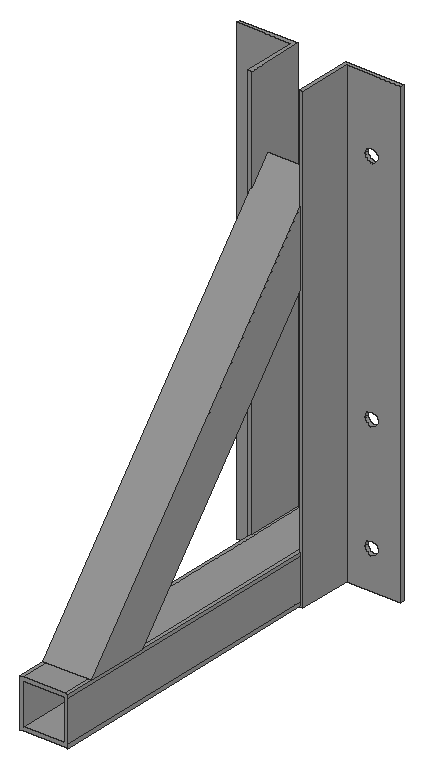
Revit family "EF24-G_R01", category Site, Revit 2025
Family settings
  Round Connector Dimension = Use Diameter
  Part Type = Normal
  Work Plane-Based = No
  Always vertical = Yes
  Cut with Voids When Loaded = No
  Shared = No
Parameters (values of type "Postech-Vistech EF24-G")
  t HSS top = 0' - 0 3/16"
  t Angle = 0' - 0 3/16"
  d Angle = 0' - 3"
  bd HSS = 0' - 2 1/2"
  b Angle = 0' - 3"
  Holes = 0' - 1 1/2"
  Half hole = 0' - 1 1/4"
  HSS top = 0' - 2 1/2"
  Dist Hole 3 = 0' - 2"
  Dist Hole 2 = 0' - 8"
  Dist Hole 1 = 1' - 8 1/4"
Reference planes (in)
  plane 1 "Center (Front/Back)": y = 0
  plane 2: z = 0
  plane 3 "Center (Left/Right)": x = 0
Forms (in)
  Extrusion 1, solid, material "Galvanized"
    sketch origin (0.75, 0, 0) x (-1, 0, 0) y (0, -1, 0)
      loop
        line (-0.5, 0) -> (-0.5, 3) -> (-0.6875, 3) -> (-0.6875, 0.1875) -> (-3.5, 0.1875) -> (-3.5, 0) -> (-0.5, 0)
    from 0 to 24
  Extrusion 2, void
    sketch origin (0, 0, 0) x (1, 0, 0) y (0, 0, 1)
      loop
        circle (2.75, 20.25) r 0.34538
    from -2.04789 to 2.26626
  Extrusion 3, solid, material "Galvanized"
    sketch origin (0.13212, 0, 0) x (1, 0, 0) y (0, 0, 1)
      loop
        line (-1.19993, 0) -> (0.92507, 0) -> (1.11257, 0) -> (1.11257, 0.1875) -> (1.11257, 2.31102) -> (1.11257, 2.5) -> (0.92359, 2.5) -> (-1.19993, 2.5) -> (-1.38743, 2.5) -> (-1.38743, 2.3125) -> (-1.38743, 0.1875) -> (-1.38743, 0) -> (-1.19993, 0)
      loop
        line (-1.19993, 2.3125) -> (-1.19993, 0.18792) -> (0.92507, 0.18792) -> (0.92507, 2.3125) -> (-1.19993, 2.3125)
    from 0 to 18
  Extrusion 4, void
    sketch origin (0, 0, -12) x (1, 0, 0) y (0, 0, 1)
      loop
        circle (2.75, 20) r 0.34538
    from -2.04789 to 2.26626
  Extrusion 5, void
    sketch origin (0, 0, -17) x (1, 0, 0) y (0, 0, 1)
      loop
        circle (2.75, 19) r 0.34538
    from -2.04789 to 2.26626
  Extrusion 6, solid, material "Galvanized"
    sketch origin (-0.75, 0, 0) x (1, 0, 0) y (0, 1, 0)
      loop
        line (-0.5, 0) -> (-3.5, 0) -> (-3.5, -0.1875) -> (-0.6875, -0.1875) -> (-0.6875, -3) -> (-0.5, -3) -> (-0.5, 0)
    from 0 to 24
  Extrusion 7, void
    sketch origin (0, 0, 0) x (-1, 0, 0) y (0, 0, -1)
      loop
        circle (2.75, -20.25) r 0.34538
    from -2.04789 to 2.26626
  Extrusion 8, void
    sketch origin (0.27476, 0, -5.24281) x (-1, 0, 0) y (0, 0, -1)
      loop
        circle (3.02476, -13.24281) r 0.34538
    from -2.04789 to 2.26626
  Extrusion 9, void
    sketch origin (0.27476, 0, -8.24281) x (-1, 0, 0) y (0, 0, -1)
      loop
        circle (3.02476, -10.24281) r 0.34538
    from -2.04789 to 2.26626
  Extrusion 10, solid, material "Galvanized"
    sketch origin (0, 0, 0) x (0, 1, 0) y (0, 0, 1)
      loop
        line (-13.2269, 2.5) -> (-0.05772, 18.19441) -> (-1.97283, 19.80138) -> (-16.49042, 2.5) -> (-13.2269, 2.5)
    from -1.25531 to 1.25
  Sweep 11, void
    path in 3D
      loop
        line (1.25, -1.97283, 19.80138) -> (1.25, -16.49042, 2.5)
    profile origin (1.25, -9.23163, 11.15069) x (0, 0.766044, -0.642788) y (1, 0, 0)
      loop
        line (2.25, -0.25) -> (0.25, -0.25) -> (0.25, -2.25) -> (2.25, -2.25) -> (2.25, -0.25)
Cuts and joins
  Extrusion 2, Extrusion 4, Extrusion 5, Extrusion 7 cuts Extrusion 1
  Extrusion 7, Extrusion 8, Extrusion 9 cuts Extrusion 6
  Sweep 11 cuts Extrusion 3
  Sweep 11 cuts Extrusion 10
Lines and regions (in)
  reference lines
    curve 1: line (0, -1.92344, 19.75994) -> (0, -16.40625, 2.5)
  sketch lines
    curve 2: line (1.25, -1.97283, 19.80138) -> (1.25, -16.49042, 2.5)
Dimensions and locks (in)
  "t Angle": Extrusion 1 sketch curve to Extrusion 1 sketch curve  (x2)
  "b Angle": Extrusion 1 sketch curve to Extrusion 1 sketch curve
  "d Angle": Extrusion 1 sketch curve to Extrusion 1 sketch curve
  "Holes": cut or joined group of Extrusion 1, Extrusion 2, Extrusion 4, Extrusion 5, Extrusion 7 to Extrusion 2 sketch curve
  "Dist Hole 1": Extrusion 2 sketch curve to cut or joined group of Extrusion 1, Extrusion 2, Extrusion 4, Extrusion 5, Extrusion 7
  "Dist Hole 2": Extrusion 4 sketch curve to cut or joined group of Extrusion 1, Extrusion 2, Extrusion 4, Extrusion 5, Extrusion 7
  "Dist Hole 3": Extrusion 5 sketch curve to cut or joined group of Extrusion 1, Extrusion 2, Extrusion 4, Extrusion 5, Extrusion 7
  "t Angle": Extrusion 6 sketch curve to Extrusion 6 sketch curve  (x2)
  "b Angle": Extrusion 6 sketch curve to Extrusion 6 sketch curve
  "d Angle": Extrusion 6 sketch curve to Extrusion 6 sketch curve
  "Holes": cut or joined group of Extrusion 6, Extrusion 7, Extrusion 8, Extrusion 9 to Extrusion 8 sketch curve
  "Dist Hole 2": Extrusion 8 sketch curve to cut or joined group of Extrusion 6, Extrusion 7, Extrusion 8, Extrusion 9
  "Holes": cut or joined group of Extrusion 6, Extrusion 7, Extrusion 8, Extrusion 9 to Extrusion 9 sketch curve
  "Dist Hole 3": Extrusion 9 sketch curve to cut or joined group of Extrusion 6, Extrusion 7, Extrusion 8, Extrusion 9
Automatic sketch dimensions
  Extrusion 7 sketch curve to plane 3 "Center (Left/Right)" = 0' - 2 3/4"
  level to Extrusion 7 sketch curve = 1' - 8 1/4"
  Extrusion 3 sketch curve to level = 0' - 0"
  level to Extrusion 3 sketch curve = 0' - 0 3/16"  (x2)
  Extrusion 3 sketch curve to plane 3 "Center (Left/Right)" = 0' - 1.25531"
  Extrusion 3 sketch curve to Extrusion 3 sketch curve = 0' - 0 3/16"  (x4)
  Extrusion 3 sketch curve to Extrusion 3 sketch curve = 0' - 0"  (x2)
  plane 3 "Center (Left/Right)" to Extrusion 3 sketch curve = 0' - 1.05571"
  plane 3 "Center (Left/Right)" to Extrusion 3 sketch curve = 0' - 1.05719"
  Extrusion 3 sketch curve to Extrusion 3 sketch curve = 0' - 0.00148"
  Extrusion 3 sketch curve to Extrusion 3 sketch curve = 0' - 0.00042"
  Extrusion 3 sketch curve to Extrusion 3 sketch curve = 0' - 2.12352"
  Extrusion 3 sketch curve to Extrusion 3 sketch curve = 0' - 2.12458"
  plane 1 "Center (Front/Back)" to Extrusion 1 sketch curve = 0' - 0"
  plane 3 "Center (Left/Right)" to Extrusion 1 sketch curve = 0' - 4 1/4"
  plane 3 "Center (Left/Right)" to Extrusion 4 sketch curve = 0' - 2 3/4"
  plane 3 "Center (Left/Right)" to Extrusion 5 sketch curve = 0' - 2 3/4"
  plane 1 "Center (Front/Back)" to Extrusion 6 sketch curve = 0' - 0"
  Extrusion 6 sketch curve to plane 3 "Center (Left/Right)" = 0' - 4 1/4"
  plane 1 "Center (Front/Back)" to Extrusion 10 sketch curve = 1' - 1.2269"
  plane 1 "Center (Front/Back)" to Extrusion 10 sketch curve = 0' - 0.05772"
  Extrusion 10 sketch curve to Extrusion 10 sketch curve = 0' - 3.26352"
  level to Extrusion 10 sketch curve = 0' - 2 1/2"
  plane 1 "Center (Front/Back)" to Extrusion 10 sketch curve = 0' - 1.97283"
  curve 1 to plane 3 "Center (Left/Right)" = 0' - 0"
  Sweep 11 sketch curve to profile plane = 0' - 0 1/4"  (x2)
  Sweep 11 sketch curve to Sweep 11 sketch curve = 0' - 2"
  Sweep 11 sketch curve to profile plane = 0' - 2 1/4"
  curve 1 to curve 1 = 1' - 10 17/32"
  radius of Extrusion 7 sketch curve = 0' - 0.34538"
  radius of Extrusion 2 sketch curve = 0' - 0.34538"
  radius of Extrusion 4 sketch curve = 0' - 0.34538"
  radius of Extrusion 5 sketch curve = 0' - 0.34538"
  radius of Extrusion 8 sketch curve = 0' - 0.34538"
  radius of Extrusion 9 sketch curve = 0' - 0.34538"
